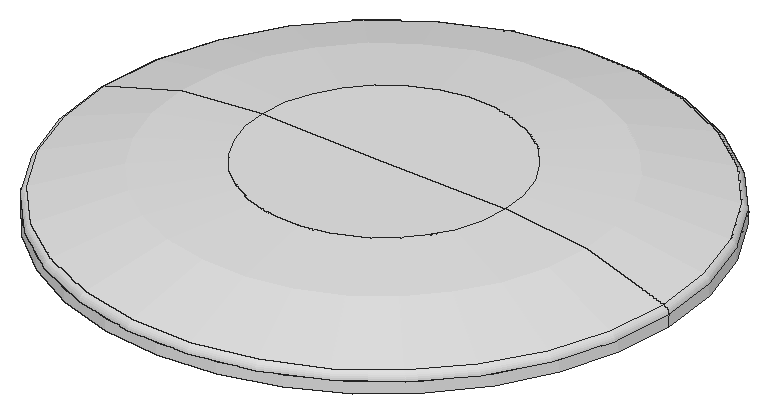
Revit family "Reece_Bath_Kado_Lussi_Freestanding Bath_Cast Solid Surface_1505 mm", category Plumbing Fixtures, Revit 2018
Family settings
  Round Connector Dimension = Use Diameter
  Part Type = Normal
  Work Plane-Based = Yes
  Always vertical = Yes
  Cut with Voids When Loaded = Yes
  Shared = Yes
  Room Calculation Point = Yes
Parameters
  URL = "https://www.reece.com.au/product/-9506953"
  Type Comments = "Bath"
  Reece_Product_Web Page = "https://www.reece.com.au/product/-9506953"
  Reece_Product_Type = "Bath"  # constant formula
  Reece_Product_Sub Brand = "Lussi"  # constant formula
  Reece_Product_Number = "9506953"
  Reece_Product_Mount = "Floor Mounted"
  Reece_Product_Description = "Kado Lussi Cast Solid Surface Freestanding Bath with Plug & Waste 1500mm"  # constant formula
  Reece_Product_Brand = "Kado"  # constant formula
  Reece_Overall_Width = 730 mm  # constant formula
  Reece_Overall_Length = 1505 mm  # constant formula
  Reece_Overall_Height = 570 mm  # constant formula
  Reece_Overall_Capacity = 267 L  # constant formula
  Reece_Material_Main = Reece_Cast_Solid_Surface_White
  Reece_Detail_Shape = ""
  Reece_Detail_Installation = "Freestanding Bath"  # constant formula
  Reece_Detail_Disclaimer = "THIS FILE IS THE PROPERTY OF THE REECE GROUP. IT MAY NOT BE REPRODUCED, REVERSE-ENGINEERED OR MODIFIED. ANY REPUBLICATION, TRANSMISSION OR DISTRIBUTION FOR THE PURPOSE OF COMMERCIALLY EXPLOITING THE FILES IS PROHIBITED."  # constant formula
  Reece_Detail_Connector = "Bottom Inlet"  # constant formula
  Reece_Bath_Outlet = 40 mm  # constant formula
  Model = "Lussi"
  Manufacturer = "Kado"
  Keynote = "Product #9506953, Reece_Bath_Kado_Lussi_Freestanding Bath_Cast Solid Surface_1505 mm -  "
  Disclaimer = "THIS FILE IS THE PROPERTY OF THE REECE GROUP. IT MAY NOT BE REPRODUCED, REVERSE-ENGINEERED OR MODIFIED. ANY REPUBLICATION, TRANSMISSION OR DISTRIBUTION FOR THE PURPOSE OF COMMERCIALLY EXPLOITING THE FILES IS PROHIBITED."  # constant formula
  Description = "Kado Lussi Cast Solid Surface Freestanding Bath with Plug & Waste 1500mm"
  Default Elevation = 0 mm
Types (2, lengths in mm): name | Keynote
  (no name) | "Product #9506953, Reece_Bath_Kado_Lussi_Freestanding Bath_Cast Solid Surface_1505 mm -  "
  1505 mm_267 ltr_White | "Product #9506953, Reece_Bath_Kado_Lussi_Freestanding Bath_Cast Solid Surface_1505 mm - 1505 mm_267 ltr_White"
Reference planes
  plane 1 "Center (Front/Back)": y = 0
  plane 2 "Bottom Host Plane": z = 0
  plane 3 "Center (Left/Right)": x = 0
  plane 4: x = -752.5
  plane 5: y = 365
  plane 6: y = -365
  plane 7: x = 752.5
  plane 8 "Top Host Plane": z = 570
Text (mm)
  text "Reece ©" at (3123.467, -1982.229, 2911.117), in view "Reece Preview"
  text "Reece Copyright © 2018, Reece Ltd." at (-805.174, -493.989, 0), in view "Ref. Level"
Dimensions and locks
  "Reece_Overall_Length": plane 4 to plane 7
  "Reece_Overall_Width": plane 5 to plane 6
  equal spacing: plane 6, plane 1 "Center (Front/Back)", plane 5
  equal spacing: plane 4, plane 3 "Center (Left/Right)", plane 7
  plane 7 to plane 4 = 1505 mm
  "Reece_Overall_Height": plane 8 "Top Host Plane" to level
  "Reece_Overall_Length": plane 7 to nested 1
  plane 8 "Top Host Plane" to level = 570 mm
  "Reece_Overall_Width": plane 5 to nested 1
  plane 5 to plane 6 = 730 mm
Nested families
  nested 1: "Reece_Bath_Kado_Lussi_Freestanding Bath_Cast Solid Surface_1505 mm_267 ltr_Nested" at (0, 0, 0), Reece_Material_Main <- "Reece_Material_Main", type "1505 mm_267 ltr_White"
    with Reece_Material_Main Reece_Cast_Solid_Surface_White
Connectors
  piping at (0, 0, 90), diameter 40, driven by "Reece_Bath_Outlet"
    settings: on nested 1, index 1, connector inside diameter 609.6 mm, connector length 0 mm, flow factor 0, pipe flow 0.0 L/s, pressure drop 0.0 Pa, fitting loss kfactor 0, connector angle 0.00°, fixture units 0, engagement length 0 mm, angle of deflection 0.00°, flow configuration 0, flow direction 2, fitting loss method 0, system type 16, joint type 0, gender type 0, connector reference index -1, connector utility 0, adjustable connector no, is connector primary yes, connector description ""
Definition of nested family "Reece_Bath_Kado_Lussi_Freestanding Bath_Cast Solid Surface_1505 mm_267 ltr_Nested"
  Parameters (values of type "1505 mm_267 ltr_White")
    Waste Connection = no
    WFU = 0
    Vent Connection = no
    URL = ""
    Type Comments = ""
    Reece_Material_Main [instance] = none
    Model = ""
    Manufacturer = ""
    Keynote = ""
    HWFU = 0
    HW Connection = no
    Description = ""
    Default Elevation = 0 mm
    Cost = 0
    CWFU = 0
    CW Connection = no
    Assembly Code = ""
  Reference planes
    plane 1 "Center (Front/Back)": y = 0
    plane 2 "Bottom Host Plane": z = 0
    plane 3 "Center (Left/Right)": x = 0
    plane 4: x = -752.5
    plane 5: y = 365
    plane 6: y = -365
    plane 7: x = 752.5
    plane 8: z = 570
  Forms (mm)
    Revolve 1, solid, material <- "Reece_Material_Main"
      sketch origin (0, 0, 21.108) x (1, 0, 0) y (0, 0, 1)
        loop
          line (-25, 108.892) -> (-22.182, 106.074) -> (0, 106.074) -> (0, 107.074) -> (-21.768, 107.074) -> (-24.585, 109.892) -> (-27.315, 109.892) -> (-27.315, 108.892) -> (-25, 108.892)
        loop
          line (-35, 110.242) -> (0, 110.242) -> (0, 116.217) -> (-15, 116.217)
          arc (-15, 116.217) -> (-24.862, 115.279) -> (-34.37, 112.497) r 52.295
          arc (-34.37, 112.497) -> (-34.828, 112.13) -> (-35, 111.569) r 1
          line (-35, 111.569) -> (-35, 110.242)
        axis (0, 116.217) -> (0, 106.074)
      angle from 0 to 360
  Lines and regions (mm)
    symbolic lines
      curve 1: line (0, -264.998, 0) -> (0, -365, 570)
      curve 2: line (0, 264.998, 0) -> (0, 365, 570)
      curve 3: line (0, -264.998, 0) -> (0, 264.998, 0)
      curve 4: line (-460, 0, 0) -> (-752.5, 0, 570)
      curve 5: line (460, 0, 0) -> (752.5, 0, 570)
      curve 6: line (-460, 0, 0) -> (460, 0, 0)
  Text (mm)
    text "Reece ©" at (3219.523, -2275.317, 2521.972), in view "Reece Preview"
    text "Reece Copyright © 2018, Reece Ltd." at (-877.918, -492.812, 0), in view "Ref. Level"
